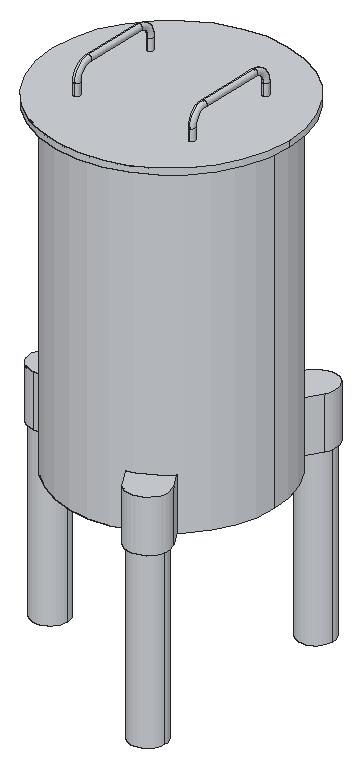
Revit family "0431c078996442c59516d53d1eaaea70", category Mechanical Equipment, Revit 2021
Family settings
  Round Connector Dimension = Use Radius
  Part Type = Normal
  OmniClass Number = 23.15.30.27.11
  OmniClass Title = Tanks, Reservoirs
  Seek Item ID = Mixing Tank - Cone Bottom-0000-USA-ENU
  Work Plane-Based = No
  Always vertical = Yes
  Cut with Voids When Loaded = No
  Shared = No
  Room Calculation Point = No
Parameters (values of type "30 Gallon")
  Tank material = none
  Tank Radius = 0' - 9"
  Tank Height = 2' - 5"
  Outlet Diameter = Outlet Radius * 2  # 2"
  Outlet Radius = 1"
  Leg material = none
  Leg Offset Vertical = Leg Offset * sin(60.00°)  # 0' - 9.09327"
  Leg Offset Horizontal = Leg Offset * cos(60.00°)  # 0' - 5 1/4"
  Leg Offset = Tank Radius + 0' 1 1/2"  # 0' - 10 1/2"
  Leg Height = 1' - 3 1/8"
  Handrail Length = 0' - 8"
  Handrail Distance = 0' - 10"
  Flow [instance] = 10 GPM
  Default Elevation = 0' - 0"
  Cap Radius = Tank Radius + 0' 1 1/4"  # 0' - 10 1/4"
  Bottom Offset = Tank Radius * tan(15.00°)  # 0' - 2.41154"
Types (8): name | Tank Radius | Tank Height | Outlet Diameter | Outlet Radius | Leg Offset Vertical | Leg Offset Horizontal | Leg Offset | Leg Height | Handrail Length | Handrail Distance | Cap Radius | Bottom Offset
  (no name) | 0' - 9" | 2' - 5" | 2" | 1" | 0' - 9.09327" | 0' - 5 1/4" | 0' - 10 1/2" | 1' - 3 1/8" | 0' - 8" | 0' - 10" | 0' - 10 1/4" | 0' - 2.41154"
  30 Gallon | 0' - 9" | 2' - 5" | 2" | 1" | 0' - 9.09327" | 0' - 5 1/4" | 0' - 10 1/2" | 1' - 3 1/8" | 0' - 8" | 0' - 10" | 0' - 10 1/4" | 0' - 2.41154"
  55 Gallon | 0' - 11 3/8" | 2' - 11" | 2" | 1" | 0' - 11.15008" | 0' - 6 7/16" | 1' - 0 7/8" | 1' - 3 205/256" | 1' - 0" | 1' - 0" | 1' - 0 5/8" | 0' - 3.04792"
  100 Gallon | 1' - 3 1/4" | 2' - 11" | 2" | 1" | 1' - 2.50593" | 0' - 8 3/8" | 1' - 4 3/4" | 1' - 4 5/8" | 1' - 0" | 1' - 6" | 1' - 4 1/2" | 0' - 4.08623"
  200 Gallon | 1' - 7" | 3' - 10 3/4" | 4" | 2" | 1' - 5.75352" | 0' - 10 1/4" | 1' - 8 1/2" | 1' - 5 27/32" | 1' - 4" | 2' - 0" | 1' - 8 1/4" | 0' - 5.09103"
  250 Gallon | 2' - 2" | 4' - 10 1/2" | 4" | 2" | 1' - 11.8157" | 1' - 1 3/4" | 2' - 3 1/2" | 1' - 8 1/16" | 1' - 4" | 2' - 8" | 2' - 3 1/4" | 0' - 6.96668"
  300 Gallon | 3' - 0 1/2" | 5' - 10" | 4" | 2" | 2' - 8.90897" | 1' - 7" | 3' - 2" | 1' - 10 17/32" | 1' - 4" | 3' - 6" | 3' - 1 3/4" | 0' - 9.78015"
  400 Gallon | 3' - 7 1/2" | 5' - 10" | 4" | 2" | 3' - 2.97114" | 1' - 10 1/2" | 3' - 9" | 2' - 0 7/16" | 1' - 4" | 4' - 4" | 3' - 8 3/4" | 0' - 11.65579"
Reference planes (in)
  plane 1 "Center (Front/Back)": y = 0
  plane 2: z = 0
  plane 3 "Center (Left/Right)": x = 0
  plane 4 "Bend Top": z = 15.125
  plane 5: z = 44.125
  plane 6: z = 43.625
  plane 7 "Handrail Left": x = -5
  plane 8 "Handrail Right": x = 5
  plane 9: y = 4
  plane 10: y = -4
  plane 11: z = 46.375
  plane 12 "Bend Bottom": z = 12.71346
  plane 13: z = 11.55721
  plane 14: x = -10.5
  plane 15: y = 9.09327
  plane 16: y = -9.09327
  plane 17: x = 5.25
  plane 18: z = 19.625
  plane 19: y = 1.75
  plane 20: y = -1.75
Forms (in)
  Extrusion 1, solid, material <- "Tank material", detail levels medium+fine
    sketch origin (0, 0, 0) x (1, 0, 0) y (0, 1, 0)
      loop
        circle (0, 0) r 10.25
    from 43.625 to 44.125
  Extrusion 2, solid, material <- "Tank material"
    sketch origin (0, 0, 0) x (1, 0, 0) y (0, 1, 0)
      loop
        circle (0, 0) r 9
    from 15.125 to 43.625
  Sweep 3, solid, material <- "Tank material", detail levels medium+fine
    path origin (-5, 0, 0) x (0, 1, 0) y (0, 0, 1)
      loop
        line (4, 44.125) -> (4, 45.125)
        arc (4, 45.125) -> (3.63388, 46.00888) -> (2.75, 46.375) r 1.25
        line (2.75, 46.375) -> (-2.75, 46.375)
        arc (-2.75, 46.375) -> (-3.63388, 46.00888) -> (-4, 45.125) r 1.25
        line (-4, 45.125) -> (-4, 44.125)
    profile origin (-5, 4, 44.625) x (0, -1, 0) y (1, 0, 0)
      loop
        circle (0, 0) r 0.25
  Sweep 4, solid, material <- "Tank material", detail levels medium+fine
    path origin (5, 0, 0) x (0, 1, 0) y (0, 0, 1)
      loop
        line (4, 44.125) -> (4, 45.125)
        arc (4, 45.125) -> (3.63388, 46.00888) -> (2.75, 46.375) r 1.25
        line (2.75, 46.375) -> (-2.75, 46.375)
        arc (-2.75, 46.375) -> (-3.63388, 46.00888) -> (-4, 45.125) r 1.25
        line (-4, 45.125) -> (-4, 44.125)
    profile origin (5, 4, 44.625) x (0, -1, 0) y (1, 0, 0)
      loop
        circle (0, 0) r 0.25
  Extrusion 5, solid, material <- "Tank material"
    sketch origin (0, 0, 0) x (1, 0, 0) y (0, 1, 0)
      loop
        circle (0, 0) r 1
    from 11.55721 to 12.71346
  Blend 6, solid, material <- "Tank material"
    base sketch origin (0, 0, 12.71346) x (-1, 0, 0) y (0, -1, 0)
      loop
        circle (0, 0) r 1
    top sketch origin (0, 0, 15.125) x (-1, 0, 0) y (0, -1, 0)
      loop
        circle (0, 0) r 9
    from 0 to 0
  Extrusion 7, solid, material <- "Leg material"
    sketch origin (0, 0, 15.125) x (-1, 0, 0) y (0, -1, 0)
      loop
        circle (10.5, 0) r 1.5
      loop
        circle (-5.25, -9.09327) r 1.5
      loop
        circle (-5.25, 9.09327) r 1.5
    from -15.125 to 0
  Extrusion 8, solid, material <- "Leg material"
    sketch origin (0, 0, 15.125) x (-1, 0, 0) y (0, -1, 0)
      loop
        arc (10.5, -1.75) -> (12.25, 0) -> (10.5, 1.75) r 1.75
        line (10.5, 1.75) -> (8.89926, 1.75)
        arc (8.89926, 1.75) -> (9.06969, 0) -> (8.89926, -1.75) r 9.06969
        line (8.89926, -1.75) -> (10.5, -1.75)
    from 0 to 4.5
  Extrusion 9, solid, material <- "Leg material"
    sketch origin (0, 0, 15.125) x (-1, 0, 0) y (0, -1, 0)
      loop
        line (-3.73446, -9.96827) -> (-2.93408, -8.58198)
        arc (-2.93408, -8.58198) -> (-4.53485, -7.85458) -> (-5.96517, -6.83198) r 9.06969
        line (-5.96517, -6.83198) -> (-6.76554, -8.21827)
        arc (-6.76554, -8.21827) -> (-6.125, -10.60881) -> (-3.73446, -9.96827) r 1.75
    from 0 to 4.5
  Extrusion 10, solid, material <- "Leg material"
    sketch origin (0, 0, 15.125) x (-1, 0, 0) y (0, -1, 0)
      loop
        arc (-3.73446, 9.96827) -> (-6.125, 10.60881) -> (-6.76554, 8.21827) r 1.75
        line (-6.76554, 8.21827) -> (-5.92966, 6.77046)
        arc (-5.92966, 6.77046) -> (-4.5, 7.79423) -> (-2.89857, 8.52046) r 9
        line (-2.89857, 8.52046) -> (-3.73446, 9.96827)
    from 0 to 4.5
Cuts and joins
  joined: Extrusion 8, Extrusion 9, Extrusion 10
  joined: Sweep 3, Sweep 4
Lines and regions (in)
  reference lines
    curve 1: line (5.25, 9.09327, 15.125) -> (0, 0, 15.125)
    curve 2: line (0, 0, 15.125) -> (5.25, -9.09327, 15.125)
    curve 3: line (-4.64054, -4.53766, 15.125) -> (3.73446, 9.96827, 15.125)
    curve 4: line (4.89054, 4.97067, 15.125) -> (-3.48446, -9.53525, 15.125)
    curve 5: line (3.73446, -9.96827, 15.125) -> (-6.51554, 7.78525, 15.125)
    curve 6: line (-2.73446, 8.23622, 15.125) -> (6.76554, -8.21827, 15.125)
Dimensions and locks (in)
  "Leg Height": plane 4 "Bend Top" to plane 2
  "Tank Height": plane 5 to plane 4 "Bend Top"
  locked: plane 5 to plane 6 at 0.5
  "Handrail Distance": plane 7 "Handrail Left" to plane 8 "Handrail Right"
  equal spacing: plane 7 "Handrail Left", plane 3 "Center (Left/Right)", plane 8 "Handrail Right"
  equal spacing: plane 9, plane 1 "Center (Front/Back)", plane 10
  "Handrail Length": plane 9 to plane 10
  locked: plane 11 to plane 5 at 2.25
  "Bottom Offset": plane 4 "Bend Top" to plane 12 "Bend Bottom"
  locked: plane 12 "Bend Bottom" to plane 13 at 1.15625
  "Leg Offset": plane 14 to plane 3 "Center (Left/Right)"
  "Leg Offset Vertical": plane 15 to plane 1 "Center (Front/Back)"
  "Leg Offset Vertical": plane 16 to plane 1 "Center (Front/Back)"
  "Leg Offset Horizontal": plane 3 "Center (Left/Right)" to plane 17
  plane 19 to plane 1 "Center (Front/Back)" to plane 20 = 0' - 1 3/4" locked, 0' - 1 3/4" locked
  locked: curve 2 to curve 5 at 1.75
  locked: curve 1 to curve 3 at 1.75
  locked: curve 1 to curve 4 at 1.75
  locked: curve 2 to curve 6 at 1.75
  "Cap Radius": radius of Extrusion 1 sketch curve
  "Tank Radius": radius of Extrusion 2 sketch curve
  radius of Sweep 4 sketch curve = 0' - 0 1/4"
  "Outlet Radius": radius of Extrusion 5 sketch curve
  "Outlet Radius": radius of Blend 6 sketch curve
  "Tank Radius": radius of Blend 6 sketch curve
  radius of Extrusion 7 sketch curve = 0' - 1 1/2"  (x3)
  radius of Extrusion 9 sketch curve = 0' - 1 3/4"
  radius of Extrusion 10 sketch curve = 0' - 1 3/4"
  "Tank Radius": radius of Extrusion 10 sketch curve
  locked: curve 3 to plane 3 "Center (Left/Right)" (angle 30.00°)
  locked: plane 3 "Center (Left/Right)" to curve 5 (angle 30.00°)
  angle plane 1 "Center (Front/Back)" to curve 4 = 60.00°
  locked: curve 6 to plane 1 "Center (Front/Back)" (angle 60.00°)
  aligned and locked: plane 1 "Center (Front/Back)" to Extrusion 1 sketch curve
  aligned and locked: plane 3 "Center (Left/Right)" to Extrusion 1 sketch curve
  aligned and locked: plane 5 to Extrusion 1
  aligned and locked: Extrusion 1 to plane 6
  aligned and locked: plane 1 "Center (Front/Back)" to Extrusion 2 sketch curve
  aligned and locked: plane 3 "Center (Left/Right)" to Extrusion 2 sketch curve
  aligned and locked: Extrusion 2 to plane 4 "Bend Top"
  aligned and locked: Sweep 3 sketch curve to plane 9
  aligned and locked: Sweep 3 sketch curve to plane 11
  aligned and locked: plane 10 to Sweep 3 sketch curve
  aligned and locked: Sweep 4 sketch curve to plane 9
  aligned and locked: Sweep 4 sketch curve to plane 11
  aligned and locked: plane 10 to Sweep 4 sketch curve
  aligned and locked: plane 1 "Center (Front/Back)" to Extrusion 5 sketch curve
  aligned and locked: plane 3 "Center (Left/Right)" to Extrusion 5 sketch curve
  aligned and locked: plane 12 "Bend Bottom" to Extrusion 5
  aligned and locked: Extrusion 5 to plane 13
  aligned and locked: plane 1 "Center (Front/Back)" to Blend 6 sketch curve  (x2)
  aligned and locked: plane 3 "Center (Left/Right)" to Blend 6 sketch curve  (x2)
  aligned and locked: plane 4 "Bend Top" to Blend 6
  aligned and locked: plane 1 "Center (Front/Back)" to Extrusion 7 sketch curve
  aligned and locked: plane 14 to Extrusion 7 sketch curve
  aligned and locked: plane 17 to Extrusion 7 sketch curve  (x2)
  aligned and locked: plane 15 to Extrusion 7 sketch curve
  aligned and locked: plane 16 to Extrusion 7 sketch curve
  aligned and locked: Extrusion 7 to plane 2
  aligned and locked: plane 4 "Bend Top" to Extrusion 7
  aligned and locked: plane 15 to curve 1
  aligned and locked: plane 3 "Center (Left/Right)" to curve 1
  aligned and locked: plane 16 to curve 2
  aligned and locked: plane 20 to Extrusion 8 sketch curve
  aligned and locked: plane 1 "Center (Front/Back)" to Extrusion 8 sketch curve  (x2)
  aligned and locked: plane 14 to Extrusion 8 sketch curve
  aligned and locked: plane 3 "Center (Left/Right)" to Extrusion 8 sketch curve
  aligned and locked: Extrusion 8 to plane 4 "Bend Top"
  aligned and locked: plane 18 to Extrusion 8
  aligned and locked: Extrusion 9 to plane 4 "Bend Top"
  aligned and locked: plane 18 to Extrusion 9
  aligned and locked: Extrusion 9 sketch curve to curve 3
  aligned and locked: plane 1 "Center (Front/Back)" to Extrusion 9 sketch curve
  aligned and locked: plane 3 "Center (Left/Right)" to Extrusion 9 sketch curve
  aligned and locked: Extrusion 9 sketch curve to curve 4
  aligned and locked: plane 16 to Extrusion 10 sketch curve
  aligned and locked: plane 1 "Center (Front/Back)" to Extrusion 10 sketch curve
  aligned and locked: plane 3 "Center (Left/Right)" to Extrusion 10 sketch curve
  aligned and locked: Extrusion 10 sketch curve to curve 5
  aligned and locked: Extrusion 10 to plane 4 "Bend Top"
  aligned and locked: plane 18 to Extrusion 10
  aligned and locked: Extrusion 10 sketch curve to curve 6
  aligned and locked: plane 6 to Extrusion 2
Automatic sketch dimensions
  Sweep 3 sketch curve to plane 5 = 0' - 0"  (x2)
  plane 5 to Sweep 3 sketch curve = 0' - 1"  (x2)
  Sweep 3 sketch curve to plane 7 "Handrail Left" = 0' - 0"
  Sweep 3 sketch curve to profile plane = 0' - 0"
  Sweep 4 sketch curve to plane 5 = 0' - 0"  (x2)
  plane 5 to Sweep 4 sketch curve = 0' - 1"  (x2)
  Sweep 4 sketch curve to plane 8 "Handrail Right" = 0' - 0"
  Sweep 4 sketch curve to profile plane = 0' - 0"
  plane 14 to Extrusion 8 sketch curve = 0' - 1.60074"
  Extrusion 9 sketch curve to plane 15 = 0' - 0"
  Extrusion 9 sketch curve to plane 15 = 0' - 0 7/8"
  plane 15 to Extrusion 9 sketch curve = 0' - 0 7/8"
  Extrusion 9 sketch curve to plane 15 = 0' - 0.51128"
  curve 1 to plane 17 = 0' - 0"
  curve 2 to plane 17 = 0' - 0"
  plane 16 to curve 6 = 0' - 0 7/8"
  curve 4 to plane 17 = 0' - 0.35946"
  plane 15 to curve 3 = 0' - 0 7/8"
  curve 5 to plane 16 = 0' - 0 7/8"
  plane 16 to Extrusion 10 sketch curve = 0' - 0 7/8"
  Extrusion 10 sketch curve to plane 16 = 0' - 0 7/8"
  radius of Sweep 3 sketch curve = 0' - 0 1/4"
Connectors (in)
  piping at (0, 0, 11.55721), diameter 2, driven by "Outlet Radius", driven by "Flow"
    settings: on Extrusion 5, index 1, connector inside diameter 2", connector length 0' - 0", flow factor 0, pipe flow 10 GPM, pressure drop 10.00 psi, fitting loss kfactor 0, connector angle 0.00°, fixture units 0, engagement length 0' - 0", angle of deflection 0.00°, flow configuration 0, flow direction 2, fitting loss method 0, system type 29, joint type 0, gender type 0, connector reference index -1, connector utility 0, adjustable connector no, is connector primary yes, connector description "Tank Out"
